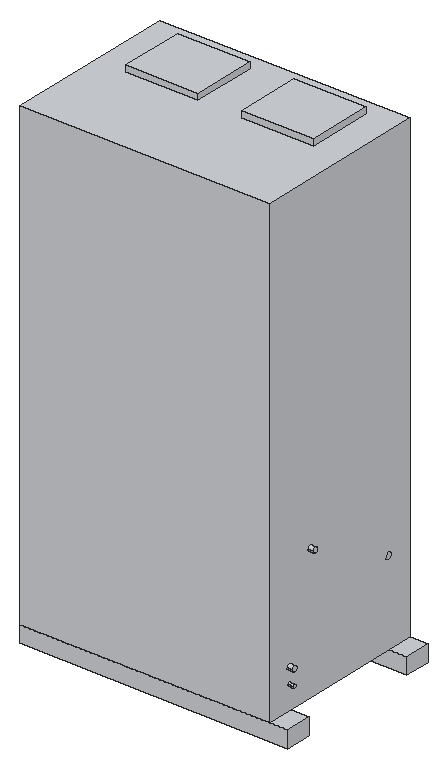
Revit family "M_Ar condicionado - Pacote vertical - Resfriado a ar - 26kW", category Equipamento mecânico, Revit 2019
Family settings
  Cota do conector redondo = Usar raio
  Tipo de parte = Normal
  Número OmniClass = 23.75.10.24.21.27.11
  Título OmniClass = Packaged Air Conditioners
  ID de item do Seek = Air Conditioner - Vertical Packaged - Air Cooled - 26 kW-0000-CAN-ENU
  Com base no plano de trabalho = Não
  Sempre na vertical = Sim
  Corte com vazios quando carregada = Não
  Compartilhado = Não
  Ponto de cálculo do ambiente = Não
Parameters (values of type "26 kW")
  Voltagem = 460 V
  Raio da saída = 10 mm
  Diâmetro da saída = Raio da saída * 2  # 20 mm
  Número de pólos = 3
  Material = none
  Classificação de carga = Refrigeração
  Raio da embocadura = 6 mm
  Diâmetro da embocadura = Raio da embocadura * 2  # 12 mm
  Altura 1 = 396.3 mm
  Largura do duto = 300 mm
  Altura do duto = 270 mm
  Raio da drenagem = 10 mm
  Fluxo da drenagem [instance] = 0.0 L/s
  Largura do condicionador = 730 mm
  Comprimento do condicionador = 1039.9 mm
  Altura do condicionador = 1935 mm
  C5 Deslocamento 2 = 207.6 mm
  C5 Deslocamento 1 = 630.9 mm
  C4 Deslocamento 1 [instance] = 128 mm
  C3 Deslocamento 2 = 350.7 mm
  C3 Deslocamento 1 = 110.5 mm
  C2 Deslocamento 2 = 65 mm
  C1 Deslocamento 2 = 100.1 mm
  C1 Deslocamento 1 = 100.1 mm
  Carga aparente = 8500 VA
  Fluxo de ar [instance] = 707.92 L/s
Reference planes
  plane 1 "Centro (Frente/Trás)": y = 0
  plane 2: z = 0
  plane 3 "Centro (Esquerda/Direita)": x = 0
  plane 4: y = 730
  plane 5: x = 1039.9
  plane 6: z = 2005.104
  plane 7: z = 70.104
  plane 8: z = 1037.604
  plane 9: z = 1235.754
  plane 10: z = 839.454
  plane 11: x = 50.8
  plane 12: x = 989.1
  plane 13: y = 620.78
  plane 14: y = 109.22
  plane 15: x = 1116.1
  plane 16: y = 100.1
  plane 17: z = 235.204
  plane 18: z = 170.204
  plane 19: y = 619.5
  plane 20: z = 420.804
  plane 21: x = 1065.3
  plane 22: x = 1014.5
  plane 23: x = -25.4
  plane 24: x = 128
  plane 25: y = 662.182
  plane 26: y = 392.182
  plane 27: x = 428
  plane 28: x = 611.9
  plane 29: x = 911.9
  plane 30: z = 630.9
  plane 31: y = 207.6
Forms (mm)
  Extrusion 1, solid, material <- "Material"
    sketch origin (0, 0, 0) x (1, 0, 0) y (0, 1, 0)
      loop
        line (0, 730) -> (0, 0) -> (1039.9, 0) -> (1039.9, 730) -> (0, 730)
    from 70.104 to 2005.104
  Extrusion 2, solid, material <- "Material"
    sketch origin (0, 0, 0) x (1, 0, 0) y (0, 1, 0)
      loop
        line (0, 730) -> (0, 620.78) -> (1116.1, 620.78) -> (1116.1, 730) -> (0, 730)
    from 0 to 70.104
  Extrusion 3, solid, material <- "Material"
    sketch origin (0, 0, 0) x (1, 0, 0) y (0, 1, 0)
      loop
        line (0, 109.22) -> (0, 0) -> (1116.1, 0) -> (1116.1, 109.22) -> (0, 109.22)
    from 0 to 70.104
  Extrusion 4, solid, material <- "Material"
    sketch origin (0, 0, 0) x (0, 1, 0) y (0, 0, 1)
      loop
        circle (100.1, 235.204) r 10
    from 1039.9 to 1065.3
  Extrusion 5, solid, material <- "Material"
    sketch origin (0, 0, 0) x (0, 1, 0) y (0, 0, 1)
      loop
        circle (100.1, 170.204) r 6
    from 1039.9 to 1065.3
  Extrusion 6, solid, material <- "Material"
    sketch origin (0, 0, 0) x (0, 1, 0) y (0, 0, 1)
      loop
        circle (619.5, 420.804) r 12.7
    from 1014.5 to 1039.9
  Extrusion 7, solid
    sketch origin (0, 0, 0) x (1, 0, 0) y (0, 1, 0)
      loop
        line (128, 662.182) -> (128, 392.182) -> (428, 392.182) -> (428, 662.182) -> (128, 662.182)
    from 2005.104 to 2030.504
  Extrusion 8, solid
    sketch origin (0, 0, 0) x (1, 0, 0) y (0, 1, 0)
      loop
        line (611.9, 662.182) -> (611.9, 392.182) -> (911.9, 392.182) -> (911.9, 662.182) -> (611.9, 662.182)
    from 2005.104 to 2030.504
  Extrusion 9, solid
    sketch origin (0, 0, 0) x (0, 1, 0) y (0, 0, 1)
      loop
        circle (207.6, 630.9) r 10
    from 1039.9 to 1065.3
Lines and regions (mm)
  model lines, detail levels fine
    curve 1: line (50.8, 0, 1235.754) -> (989.1, 0, 1235.754)
    curve 2: line (50.8, 0, 839.454) -> (50.8, 0, 1235.754)
    curve 3: line (989.1, 0, 839.454) -> (50.8, 0, 839.454)
    curve 4: line (989.1, 0, 1235.754) -> (989.1, 0, 839.454)
    curve 5: line (50.8, 0, 1037.604) -> (989.1, 0, 1037.604)
    curve 6: line (50.8, 0, 1169.704) -> (989.1, 0, 1169.704)
    curve 7: line (50.8, 0, 971.554) -> (989.1, 0, 971.554)
    curve 8: line (50.8, 0, 905.504) -> (989.1, 0, 905.504)
    curve 9: line (50.8, 0, 1103.654) -> (989.1, 0, 1103.654)
Dimensions and locks
  "Comprimento do condicionador": plane 3 "Centro (Esquerda/Direita)" to plane 5
  "Largura do condicionador": plane 4 to plane 1 "Centro (Frente/Trás)"
  locked: plane 7 to plane 2 at 70.104
  "Altura do condicionador": plane 6 to plane 7
  equal spacing: plane 6, plane 8, plane 7
  equal spacing: plane 9, plane 8, plane 10
  "Altura 1": plane 9 to plane 10
  locked: plane 11 to plane 3 "Centro (Esquerda/Direita)" at 50.8
  locked: plane 5 to plane 12 at 50.8
  locked: plane 4 to plane 13 at 109.22
  locked: plane 14 to plane 1 "Centro (Frente/Trás)" at 109.22
  locked: plane 5 to plane 15 at 76.2
  "C1 Deslocamento 1": plane 1 "Centro (Frente/Trás)" to plane 16
  "C1 Deslocamento 2": plane 18 to plane 7
  "C2 Deslocamento 2": plane 17 to plane 18
  "C3 Deslocamento 1": plane 19 to plane 4
  "C3 Deslocamento 2": plane 20 to plane 7
  locked: plane 21 to plane 5 at 25.4
  locked: plane 5 to plane 22 at 25.4
  locked: plane 3 "Centro (Esquerda/Direita)" to plane 23 at 25.4
  equal spacing: curve 1, curve 6, curve 9, curve 5, curve 7, curve 8, curve 3
  "C4 Deslocamento 1": plane 3 "Centro (Esquerda/Direita)" to plane 24
  locked: plane 4 to plane 25 at 67.818
  "Largura do duto": plane 24 to plane 27
  "Altura do duto": plane 25 to plane 26
  locked: Extrusion 7 to Extrusion 7 at 25.4
  "C4 Deslocamento 1": plane 29 to plane 5
  "Largura do duto": plane 28 to plane 29
  "C5 Deslocamento 1": plane 30 to plane 2
  "C5 Deslocamento 2": plane 31 to plane 1 "Centro (Frente/Trás)"
  "Raio da saída": radius of Extrusion 4 sketch curve
  "Raio da embocadura": radius of Extrusion 5 sketch curve
  radius of Extrusion 6 sketch curve = 12.7 mm
  "Raio da drenagem": radius of Extrusion 9 sketch curve
  aligned and locked: Extrusion 1 to plane 3 "Centro (Esquerda/Direita)"
  aligned and locked: plane 4 to Extrusion 1
  aligned and locked: plane 5 to Extrusion 1
  aligned and locked: plane 1 "Centro (Frente/Trás)" to Extrusion 1
  aligned and locked: plane 6 to Extrusion 1
  aligned and locked: Extrusion 1 to plane 7
  aligned and locked: plane 11 to curve 1
  aligned and locked: curve 1 to plane 9
  aligned and locked: curve 4 to plane 12
  aligned and locked: Extrusion 2 to plane 13
  aligned and locked: plane 14 to Extrusion 3
  aligned and locked: plane 4 to Extrusion 2
  aligned and locked: plane 1 "Centro (Frente/Trás)" to Extrusion 3
  aligned and locked: plane 15 to Extrusion 2
  aligned and locked: Extrusion 3 to plane 15
  aligned and locked: Extrusion 2 to plane 3 "Centro (Esquerda/Direita)"
  aligned and locked: Extrusion 3 to plane 3 "Centro (Esquerda/Direita)"
  aligned and locked: Extrusion 3 to plane 2
  aligned and locked: Extrusion 2 to plane 2
  aligned and locked: plane 7 to Extrusion 3
  aligned and locked: plane 7 to Extrusion 2
  aligned and locked: plane 17 to Extrusion 4 sketch curve
  aligned and locked: plane 16 to Extrusion 4 sketch curve
  aligned and locked: plane 16 to Extrusion 5 sketch curve
  aligned and locked: plane 18 to Extrusion 5 sketch curve
  aligned and locked: plane 19 to Extrusion 6 sketch curve
  aligned and locked: plane 20 to Extrusion 6 sketch curve
  aligned and locked: plane 21 to Extrusion 4
  aligned and locked: plane 21 to Extrusion 5
  aligned and locked: Extrusion 4 to plane 5
  aligned and locked: Extrusion 5 to plane 5
  aligned and locked: plane 22 to Extrusion 6
  aligned and locked: plane 5 to Extrusion 6
  aligned and locked: plane 11 to curve 6
  aligned and locked: plane 12 to curve 6
  aligned and locked: plane 24 to Extrusion 7 sketch curve
  aligned and locked: Extrusion 7 sketch curve to plane 25
  aligned and locked: plane 26 to Extrusion 7 sketch curve
  aligned and locked: Extrusion 7 sketch curve to plane 27
  aligned and locked: Extrusion 7 to Extrusion 1
  aligned and locked: plane 28 to Extrusion 8 sketch curve
  aligned and locked: Extrusion 8 sketch curve to plane 25
  aligned and locked: plane 26 to Extrusion 8 sketch curve
  aligned and locked: Extrusion 8 sketch curve to plane 29
  aligned and locked: Extrusion 8 to Extrusion 1
  aligned and locked: Extrusion 8 to Extrusion 7
  aligned and locked: plane 31 to Extrusion 9 sketch curve
  aligned and locked: plane 30 to Extrusion 9 sketch curve
  aligned and locked: Extrusion 4 to Extrusion 9
  aligned and locked: Extrusion 9 to Extrusion 1
Automatic sketch dimensions
  Extrusion 1 sketch curve to plane 1 "Centro (Frente/Trás)" = 0 mm
  Extrusion 1 sketch curve to plane 3 "Centro (Esquerda/Direita)" = 0 mm
  Extrusion 1 sketch curve to plane 5 = 0 mm
  Extrusion 1 sketch curve to plane 4 = 0 mm
  Extrusion 2 sketch curve to plane 3 "Centro (Esquerda/Direita)" = 0 mm
  plane 5 to Extrusion 2 sketch curve = 76.2 mm
  Extrusion 2 sketch curve to plane 4 = 109.22 mm
  Extrusion 2 sketch curve to plane 4 = 0 mm
  Extrusion 3 sketch curve to plane 3 "Centro (Esquerda/Direita)" = 0 mm
  Extrusion 3 sketch curve to plane 1 "Centro (Frente/Trás)" = 0 mm
  plane 5 to Extrusion 3 sketch curve = 76.2 mm
  Extrusion 3 sketch curve to Extrusion 3 sketch curve = 109.22 mm
  curve 4 to plane 10 = 0 mm
Connectors
  piping at (1065.3, 100.1, 170.204), diameter 12, driven by "Raio da embocadura"
    settings: on Extrusion 5, index 1, connector inside diameter 12 mm, connector length 0 mm, flow factor 0, pipe flow 0.0 L/s, pressure drop 0.0 Pa, fitting loss kfactor 0, connector angle 0.00°, fixture units 0, engagement length 0 mm, angle of deflection 0.00°, flow configuration 1, flow direction 1, fitting loss method 0, system type 22, joint type 0, gender type 0, connector reference index -1, connector utility 0, adjustable connector no, is connector primary yes, connector description "Entrada de material criogênico"
  piping at (1065.3, 100.1, 235.204), diameter 20, driven by "Raio da saída"
    settings: on Extrusion 4, index 2, connector inside diameter 20 mm, connector length 0 mm, flow factor 0, pipe flow 0.0 L/s, pressure drop 2688.96 Pa, fitting loss kfactor 0, connector angle 0.00°, fixture units 0, engagement length 0 mm, angle of deflection 0.00°, flow configuration 1, flow direction 2, fitting loss method 0, system type 22, joint type 0, gender type 0, connector reference index -1, connector utility 0, adjustable connector no, is connector primary no, connector description "Saída de material criogênico"
  electrical at (1039.9, 619.5, 420.804), driven by "Carga aparente", driven by "Voltagem", driven by "Número de pólos", driven by "Classificação de carga"
    settings: on Extrusion 6, index 5, voltage 460 V, apparent load 8500 VA, apparent load phase1 0 VA, apparent load phase2 0 VA, apparent load phase3 0 VA, power factor 0.8, load classification "Refrigeração", number of poles 3, system type 30, power factor state 1, is connector primary yes, connector utility no, sub classification motor no, connector description ""
  hvac at (278, 527.182, 2030.504), driven by "Fluxo de ar", driven by "Altura do duto", driven by "Largura do duto"
    settings: on Extrusion 7, index 6, duct flow 707.92 L/s, flow factor 0, pres drop 0.0 Pa, loss coef 0, conn angle 0.00°, conn width 300 mm, conn height 270 mm, conn diameter 609.6 mm, duct sys type 1, conn prof type 1, flow config 0, flow direction 2, loss method 0, conn ref index -1, conn util no, is conn primary yes, conn desc ""
  hvac at (761.9, 527.182, 2030.504), driven by "Fluxo de ar", driven by "Altura do duto", driven by "Largura do duto"
    settings: on Extrusion 8, index 7, duct flow 707.92 L/s, flow factor 0, pres drop 0.0 Pa, loss coef 0, conn angle 0.00°, conn width 300 mm, conn height 270 mm, conn diameter 609.6 mm, duct sys type 1, conn prof type 1, flow config 0, flow direction 2, loss method 0, conn ref index -1, conn util no, is conn primary no, conn desc ""
  piping at (1065.3, 207.6, 630.9), diameter 20, driven by "Fluxo da drenagem", driven by "Raio da drenagem"
    settings: on Extrusion 9, index 8, connector inside diameter 20 mm, connector length 0 mm, flow factor 0, pipe flow 0.0 L/s, pressure drop 0.0 Pa, fitting loss kfactor 0, connector angle 0.00°, fixture units 0, engagement length 0 mm, angle of deflection 0.00°, flow configuration 1, flow direction 2, fitting loss method 0, system type 16, joint type 0, gender type 0, connector reference index -1, connector utility 0, adjustable connector yes, is connector primary no, connector description ""
